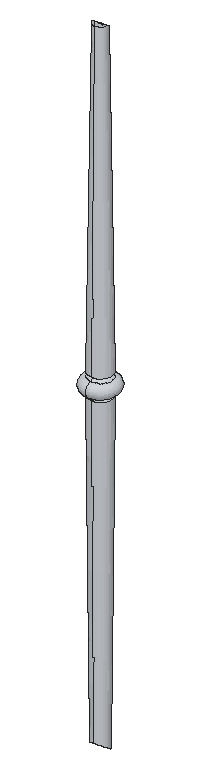
Revit family
Parameters (values of type "25mm")
  built-in parameter 1008623 [instance] = 32.47°
  built-in parameter 1008625 [instance] = (empty or 0)
  Post = no
  built-in parameter 1008624 [instance] = 32.47°
  난간동자 재료 = none
  built-in parameter 1008622 [instance] = 762 mm
Reference planes
  plane 1 "중심 F/B": y = 0
  plane 2: z = 0
  plane 3 "중심 L/R": x = 0
  plane 4 "상단": z = 762
  plane 5 "상단 절단 각도": through (0, 345.134, 542.379) normal (0, -0.5369, -0.8437)
  plane 6: z = 990.6
  plane 7: z = 381
  plane 8: z = 393.7
  plane 9: z = 368.3
  plane 10 "하단 절단 각도": through (0, 0, 0) normal (0, -0.5369, -0.8437)
  plane 11: z = -228.6
  plane 12: y = 50.8
  plane 13: y = -50.8
  plane 14: x = 50.8
  plane 15: x = -50.8
Forms (mm)
  Revolve 1, solid, material <- "난간동자 재료"
    sketch origin (0, 0, 0) x (0, 1, 0) y (0, 0, 1)
      loop
        line (0, -228.6) -> (7.144, -228.6) -> (13.046, 368.399) -> (6.564, 368.3) -> (13.36, 373.058)
        arc (13.36, 373.058) -> (21.301, 381) -> (13.36, 388.942) r 7.942
        line (13.36, 388.942) -> (6.457, 393.775) -> (13.043, 393.775) -> (7.422, 762) -> (7.422, 990.6) -> (0, 990.6) -> (0, -228.6)
      axis (0, -228.6) -> (0, 990.6)
    angle from 0 to 360
  Extrusion 2, void
    sketch origin (0, 0, 0) x (0, 1, 0) y (0, 0, 1)
      loop
        line (-50.8, -228.6) -> (50.8, -228.6) -> (50.8, -32.326) -> (-50.8, 32.326) -> (-50.8, -228.6)
      loop
        line (50.8, 990.6) -> (-50.8, 990.6) -> (-50.8, 794.326) -> (50.8, 729.674) -> (50.8, 990.6)
    from -50.8 to 50.8
Cuts and joins
  Extrusion 2 cuts Revolve 1
Dimensions and locks
  "built-in parameter 1008622": plane 2 to plane 4 "상단"
  plane 4 "상단" to plane 6 = 228.6 mm
  equal spacing: plane 2, plane 7, plane 4 "상단"
  plane 9 to plane 7 to plane 8 = 12.7 mm, 12.7 mm
  locked: level to plane 11 at 228.6
  locked: plane 15 to plane 3 "중심 L/R" at 50.8
  locked: plane 3 "중심 L/R" to plane 14 at 50.8
  locked: plane 1 "중심 F/B" to plane 12 at 50.8
  locked: plane 13 to plane 1 "중심 F/B" at 50.8
  "built-in parameter 1008623": angle plane 4 "상단" to plane 5 "상단 절단 각도"
  "built-in parameter 1008624": angle level to plane 10 "하단 절단 각도"
  aligned and locked: Revolve 1 sketch curve to plane 11
  aligned and locked: Extrusion 2 sketch curve to plane 11
  aligned and locked: Extrusion 2 sketch curve to plane 12  (x2)
  aligned and locked: plane 13 to Extrusion 2 sketch curve  (x2)
  aligned and locked: Extrusion 2 sketch curve to plane 10 "하단 절단 각도"
  aligned and locked: Extrusion 2 to plane 14
  aligned and locked: Extrusion 2 to plane 15
  aligned and locked: Extrusion 2 sketch curve to plane 6
  aligned and locked: plane 5 "상단 절단 각도" to Extrusion 2 sketch curve
Automatic sketch dimensions
  Revolve 1 sketch curve to plane 1 "중심 F/B" = 0 mm  (x2)
  Revolve 1 sketch curve to plane 9 = 0 mm
  Revolve 1 sketch curve to plane 6 = 0 mm
  Revolve 1 sketch curve to plane 4 "상단" = 0 mm
  Revolve 1 sketch curve to plane 7 = 0 mm
  Revolve 1 sketch curve to plane 8 = 0.075 mm
  Revolve 1 sketch curve to plane 9 = 0.099 mm
  Revolve 1 sketch curve to Revolve 1 sketch curve = 4.659 mm
  Revolve 1 sketch curve to Revolve 1 sketch curve = 101.6 mm
  Revolve 1 sketch curve to Revolve 1 sketch curve = 152.4 mm
  Revolve 1 sketch curve to plane 1 "중심 F/B" = 6.457 mm
  Revolve 1 sketch curve to plane 1 "중심 F/B" = 6.564 mm
  Revolve 1 sketch curve to Revolve 1 sketch curve = 7.144 mm
  Revolve 1 sketch curve to Revolve 1 sketch curve = 7.422 mm
  Revolve 1 sketch curve to Revolve 1 sketch curve = 6.587 mm
  Revolve 1 sketch curve to Revolve 1 sketch curve = 6.482 mm
  Revolve 1 sketch curve to Revolve 1 sketch curve = 0.314 mm
